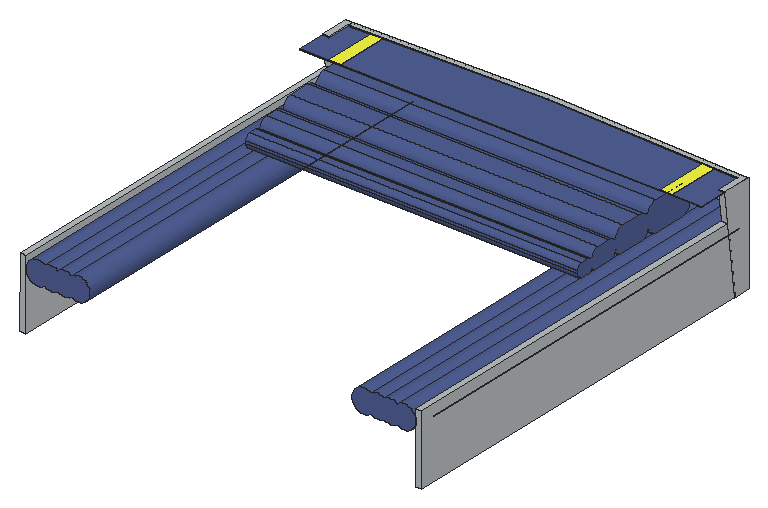
Revit family "DockEquipment_DockSeal_SuperSeal_0401A", category Generic Models, Revit 2011
Parameters
  offset [instance] = 0' - 10 3/4"
  Warranty Duration (Years) = 0
  Unit Width [instance] = 11' - 6"
  Unit Height [instance] = 11' - 10"
  Unit Depth = 2' - 0"
  URL = "http://www.supersealmfg.com/"
  Specification = ""
  SpecWizard = ""
  Send Message = "http://www.arcat.com/users.pl?action=UserEmail&company=Super-Seal%20Mfg.%20Ltd&coid=44693&rep=119&fax=905-850-4440 &mf="
  Sales Information = "http://www.supersealmfg.com/ContactUs.htm"
  Revision = "R1_07-2011"
  Product Properties = ""
  Product Data = "http://arcat.com/arcatcos/cos44/arc44693.html?isac=1&r=1"
  Hood Material = Metal - Steel - Super Seal - Galvanized
  Bumper Width = 2' - 0"
  Model = "As Specified"
  Material = Plastic - Vinyl - Super Seal - Blue
  Manufacturer Website = "http://www.supersealmfg.com/"
  Manufacturer Phone - Toll Free = "800-337-3239 "
  Manufacturer Phone = "800-337-3239 "
  Manufacturer Fax = "905-850-4440 "
  Manufacturer Address = "670 Rowntree Dairy Rd. Woodbridge , ON, Canada L4L-5T8"
  Manufacturer = "Super-Seal Mfg. Ltd"
  Maintenance Schedule (Months) = 0
  Keynote = ""
  Installation-Fabrication = ""
  Installation Phase = ""
  Green Building-LEED = ""
  Expected Lifespan (Years) = 0
  Drawn By = "Sumex Design, Inc. / Robert S. Weygant, CSI, CDT, SCIP"
  Description = "Super Seal"
  Default Elevation = 4' - 0"
  Copyright = "©Arcat Inc."
  Construction Details = "http://arcat.com/details/supersea/supersea.html?coid=44693"
  Clear Width [instance] = Unit Width - 4' 0"  # 7' - 6"
  Clear Height [instance] = 10' - 0"
  Assembly Code = ""
Reference planes (in)
  plane 1 "Center (Front/Back)": y = 0
  plane 2 "Bottom": z = 0
  plane 3 "Center (Left/Right)": x = 0
  plane 4 "Front": y = -65
  plane 5 "Left": x = -69
  plane 6 "Right": x = 69
  plane 7 "Top": z = 24
  plane 8: x = -45
  plane 9: x = 45
  plane 10: y = 55
  plane 11: y = 65
  plane 12: z = 34
  plane 13: y = 47
  plane 14: y = 33
  plane 15: y = 23
  plane 16: x = -57
  plane 17: x = 57
  plane 18: y = 75
  plane 19: y = 77
  plane 20: y = 17
Forms (in)
  Sweep 1, solid, material "Plastic - Vinyl - Super Seal - Blue" <- "Material"
    path origin (0, 0, 0) x (1, 0, 0) y (0, 1, 0)
      loop
        line (-45, -65) -> (-45, 75)
    profile origin (-45, 5, 0) x (-1, 0, 0) y (0, 0, 1)
      loop
        arc (6.33333, 23.24893) -> (0, 20) -> (6.33333, 16.75107) r 4
        arc (6.33333, 16.75107) -> (8.66667, 16) -> (11, 16.75107) r 4
        arc (11, 16.75107) -> (13.33333, 16) -> (15.66667, 16.75107) r 4
        arc (15.66667, 16.75107) -> (22, 20) -> (15.66667, 23.24893) r 4
        arc (15.66667, 23.24893) -> (13.33333, 24) -> (11, 23.24893) r 4
        arc (11, 23.24893) -> (8.66667, 24) -> (6.33333, 23.24893) r 4
  Extrusion 2, solid, material "Plastic - Vinyl - Super Seal - Blue" <- "Material"
    sketch origin (-57, 89.32405, 48) x (0, 1, 0) y (0, 0, 1)
      loop
        line (-27.69905, -14) -> (-38.94905, -14)
        arc (-38.94905, -14) -> (-41.33554, -14.98851) -> (-42.32405, -17.375) r 3.375
        line (-42.32405, -17.375) -> (-42.32405, -18.875)
        arc (-42.32405, -18.875) -> (-43.31256, -16.48851) -> (-45.69905, -15.5) r 3.375
        line (-45.69905, -15.5) -> (-52.94905, -15.5)
        arc (-52.94905, -15.5) -> (-55.33554, -16.48851) -> (-56.32405, -18.875) r 3.375
        line (-56.32405, -18.875) -> (-56.32405, -20.25)
        arc (-56.32405, -20.25) -> (-57.12951, -18.30546) -> (-59.07405, -17.5) r 2.75
        line (-59.07405, -17.5) -> (-63.57405, -17.5)
        arc (-63.57405, -17.5) -> (-65.51859, -18.30546) -> (-66.32405, -20.25) r 2.75
        line (-66.32405, -20.25) -> (-66.32405, -21.25)
        arc (-66.32405, -21.25) -> (-66.83661, -20.01256) -> (-68.07405, -19.5) r 1.75
        line (-68.07405, -19.5) -> (-70.57405, -19.5)
        arc (-70.57405, -19.5) -> (-71.81149, -20.01256) -> (-72.32405, -21.25) r 1.75
        line (-72.32405, -21.25) -> (-72.32405, -22.25)
        arc (-72.32405, -22.25) -> (-71.81149, -23.48744) -> (-70.57405, -24) r 1.75
        line (-70.57405, -24) -> (-68.07405, -24)
        arc (-68.07405, -24) -> (-66.83661, -23.48744) -> (-66.32405, -22.25) r 1.75
        arc (-66.32405, -22.25) -> (-65.81149, -23.48744) -> (-64.57405, -24) r 1.75
        line (-64.57405, -24) -> (-59.07405, -24)
        arc (-59.07405, -24) -> (-57.12951, -23.19454) -> (-56.32405, -21.25) r 2.75
        arc (-56.32405, -21.25) -> (-55.51859, -23.19454) -> (-53.57405, -24) r 2.75
        line (-53.57405, -24) -> (-45.69905, -24)
        arc (-45.69905, -24) -> (-43.31256, -23.01149) -> (-42.32405, -20.625) r 3.375
        arc (-42.32405, -20.625) -> (-41.33554, -23.01149) -> (-38.94905, -24) r 3.375
        line (-38.94905, -24) -> (-27.69905, -24)
        arc (-27.69905, -24) -> (-25.31256, -23.01149) -> (-24.32405, -20.625) r 3.375
        line (-24.32405, -20.625) -> (-24.32405, -17.375)
        arc (-24.32405, -17.375) -> (-25.31256, -14.98851) -> (-27.69905, -14) r 3.375
    from 0 to 114
  Sweep 3, solid, material "Metal - Steel - Super Seal - Galvanized" <- "Hood Material"
    path origin (0, 0, 0) x (1, 0, 0) y (0, 1, 0)
      loop
        line (-69, 75) -> (0, 77) -> (69, 75)
    profile origin (-34.5, 76, 0) x (-0.028973, 0.99958, 0) y (0, 0, 1)
      loop
        line (0, 0) -> (0, 34.25) -> (-2, 34.25) -> (-2, 34.125) -> (-0.125, 34.125) -> (-0.125, 0) -> (0, 0)
  Extrusion 4, solid, material "Metal - Steel - Super Seal - Galvanized" <- "Hood Material"
    sketch origin (-69, 16.34522, 48) x (0, 1, 0) y (0, 0, 1)
      loop
        line (52.65478, -48) -> (58.65478, -48) -> (58.65478, -13.75) -> (48.65478, -13.75) -> (52.65478, -48)
    from -0.125 to 2
  Extrusion 5, solid, material "Metal - Steel - Super Seal - Galvanized" <- "Hood Material"
    sketch origin (69, 16.34522, 48) x (0, 1, 0) y (0, 0, 1)
      loop
        line (52.65478, -48) -> (58.65478, -48) -> (58.65478, -13.75) -> (48.65478, -13.75) -> (52.65478, -48)
    from -2 to 0.125
  Extrusion 6, solid, material "Plastic - Vinyl - Super Seal - Blue" <- "Material"
    sketch origin (0, 90.99678, 34) x (0, 1, 0) y (-1, 0, 0)
      loop
        line (-35.99678, 69) -> (-35.99678, -69) -> (-16.12184, -69) -> (-14.12184, 0) -> (-16.12184, 69) -> (-35.99678, 69)
    from 0 to 0.125
  Sweep 7, solid, material "Plastic - Vinyl - Super Seal - Yellow"
    path origin (0, 90.99678, 34) x (0, 1, 0) y (-1, 0, 0)
      loop
        line (-35.99678, 57) -> (-17.69328, 57)
    profile origin (-57, 64.15175, 34) x (-1, 0, 0) y (0, 0, 1)
      loop
        line (2, 0.125) -> (2, 0.25) -> (-2, 0.25) -> (-2, 0.125) -> (2, 0.125)
  Sweep 8, solid, material "Plastic - Vinyl - Super Seal - Yellow"
    path origin (0, 90.99678, 34) x (0, 1, 0) y (-1, 0, 0)
      loop
        line (-35.99678, -57) -> (-17.69328, -57)
    profile origin (57, 64.15175, 34) x (-1, 0, 0) y (0, 0, 1)
      loop
        line (-2, 0.125) -> (2, 0.125) -> (2, 0.25) -> (-2, 0.25) -> (-2, 0.125)
  Sweep 9, solid, material "Plastic - Vinyl - Super Seal - Blue" <- "Material"
    path origin (0, 0, 0) x (-1, 0, 0) y (0, 1, 0)
      loop
        line (-45, -65) -> (-45, 75)
    profile origin (45, 5, 0) x (-1, 0, 0) y (0, 0, 1)
      loop
        arc (-6.33333, 23.24893) -> (-8.66667, 24) -> (-11, 23.24893) r 4
        arc (-11, 23.24893) -> (-13.33333, 24) -> (-15.66667, 23.24893) r 4
        arc (-15.66667, 23.24893) -> (-22, 20) -> (-15.66667, 16.75107) r 4
        arc (-15.66667, 16.75107) -> (-13.33333, 16) -> (-11, 16.75107) r 4
        arc (-11, 16.75107) -> (-8.66667, 16) -> (-6.33333, 16.75107) r 4
        arc (-6.33333, 16.75107) -> (0, 20) -> (-6.33333, 23.24893) r 4
  Extrusion 10, solid, material "Metal - Steel - Super Seal - Galvanized" <- "Hood Material"
    sketch origin (-11.94222, -65, 48) x (-1, 0, 0) y (0, 0, 1)
      loop
        line (57.05778, -48) -> (57.05778, -24) -> (55.05778, -24) -> (55.05778, -48) -> (57.05778, -48)
      loop
        line (-80.94222, -48) -> (-78.94222, -48) -> (-78.94222, -24) -> (-80.94222, -24) -> (-80.94222, -48)
    from 0 to 140
Cuts and joins
  joined: Sweep 3, Extrusion 4, Extrusion 5, Extrusion 10
Dimensions and locks (in)
  equal spacing: plane 5 "Left", plane 3 "Center (Left/Right)", plane 6 "Right"
  "Unit Width": plane 5 "Left" to plane 6 "Right"
  equal spacing: plane 11, plane 1 "Center (Front/Back)", plane 4 "Front"
  "Unit Depth": plane 7 "Top" to level
  equal spacing: plane 8, plane 3 "Center (Left/Right)", plane 9
  "Clear Width": plane 8 to plane 9
  "Clear Height": plane 10 to plane 4 "Front"
  "Unit Height": plane 19 to plane 4 "Front"
  locked: plane 12 to plane 7 "Top" at 10
  equal spacing: plane 9, plane 17, plane 6 "Right"
  equal spacing: plane 5 "Left", plane 16, plane 8
  locked: plane 11 to plane 13 at 18
  locked: plane 14 to plane 13 at 14
  locked: plane 15 to plane 14 at 10
  locked: plane 18 to plane 11 at 10
  locked: plane 19 to plane 18 at 2
  locked: Sweep 3 sketch curve to plane 12 at 0.25
  locked: Sweep 3 sketch curve to plane 12 at 0.125
  locked: plane 20 to plane 15 at 6
  aligned and locked: Extrusion 2 to plane 17
  aligned and locked: plane 18 to Extrusion 10
  aligned and locked: Extrusion 6 to plane 10
Automatic sketch dimensions
  Sweep 1 sketch curve to plane 8 = 0' - 0"
  Sweep 1 sketch curve to plane 4 "Front" = 0' - 0"
  Sweep 1 sketch curve to plane 18 = 0' - 0"
  Sweep 1 sketch curve to Sweep 1 sketch curve = 0' - 0"  (x4)
  Sweep 1 sketch curve to profile plane = 0' - 4"
  Sweep 1 sketch curve to Sweep 1 sketch curve = 0' - 2.33333"  (x9)
  level to Sweep 1 sketch curve = 1' - 4.75107"
  Sweep 1 sketch curve to Sweep 1 sketch curve = 0' - 3.24893"  (x3)
  Extrusion 2 sketch curve to plane 14 = 0' - 0"  (x4)
  Extrusion 2 sketch curve to plane 7 "Top" = 0' - 0"  (x4)
  Extrusion 2 sketch curve to plane 13 = 0' - 0"  (x4)
  Extrusion 2 sketch curve to plane 12 = 0' - 0"
  Extrusion 2 sketch curve to plane 11 = 0' - 0"
  Extrusion 2 sketch curve to plane 15 = 0' - 2 3/4"
  plane 14 to Extrusion 2 sketch curve = 0' - 2 3/4"  (x2)
  Extrusion 2 sketch curve to plane 12 = 0' - 1 1/2"
  Extrusion 2 sketch curve to plane 14 = 0' - 3 3/8"
  plane 13 to Extrusion 2 sketch curve = 0' - 3 3/8"  (x2)
  Extrusion 2 sketch curve to plane 13 = 0' - 3 3/8"
  Extrusion 2 sketch curve to plane 11 = 0' - 3 3/8"
  Extrusion 2 sketch curve to Extrusion 2 sketch curve = 0' - 0"  (x5)
  Sweep 3 sketch curve to plane 5 "Left" = 0' - 0"
  Sweep 3 sketch curve to plane 3 "Center (Left/Right)" = 0' - 0"
  Sweep 3 sketch curve to plane 6 "Right" = 0' - 0"
  Sweep 3 sketch curve to plane 18 = 0' - 0"  (x2)
  Sweep 3 sketch curve to plane 19 = 0' - 0"
  Sweep 3 sketch curve to level = 0' - 0"
  Sweep 3 sketch curve to profile plane = 0' - 0"
  profile plane to Sweep 3 sketch curve = 0' - 0 1/8"
  Sweep 3 sketch curve to Sweep 3 sketch curve = 0' - 1 7/8"
  Extrusion 4 sketch curve to plane 11 = 0' - 0"
  Extrusion 4 sketch curve to level = 0' - 0"
  Extrusion 4 sketch curve to plane 18 = 0' - 0"
  plane 11 to Extrusion 4 sketch curve = 0' - 4"
  plane 12 to Extrusion 4 sketch curve = 0' - 0 1/4"
  Extrusion 5 sketch curve to plane 11 = 0' - 0"
  Extrusion 5 sketch curve to level = 0' - 0"
  Extrusion 5 sketch curve to plane 18 = 0' - 0"
  plane 11 to Extrusion 5 sketch curve = 0' - 4"
  plane 12 to Extrusion 5 sketch curve = 0' - 0 1/4"
  Extrusion 6 sketch curve to plane 5 "Left" = 0' - 0"
  Extrusion 6 sketch curve to plane 13 = 0' - 8"
  Extrusion 6 sketch curve to plane 6 "Right" = 0' - 0"
  Extrusion 6 sketch curve to plane 3 "Center (Left/Right)" = 0' - 0"
  Extrusion 6 sketch curve to plane 18 = 0' - 0.12505"  (x2)
  Extrusion 6 sketch curve to plane 19 = 0' - 0.12505"
  plane 12 to Sweep 7 sketch curve = 0' - 0 1/8"
  profile plane to Sweep 7 sketch curve = 0' - 2"
  plane 12 to Sweep 7 sketch curve = 0' - 0 1/4"
  Sweep 7 sketch curve to profile plane = 0' - 2"
  plane 12 to Sweep 8 sketch curve = 0' - 0 1/4"
  profile plane to Sweep 8 sketch curve = 0' - 2"
  Sweep 8 sketch curve to profile plane = 0' - 2"
  Sweep 8 sketch curve to Sweep 8 sketch curve = 0' - 0 1/8"
  Sweep 9 sketch curve to plane 9 = 0' - 0"
  Sweep 9 sketch curve to plane 4 "Front" = 0' - 0"
  Sweep 9 sketch curve to plane 18 = 0' - 0"
  Sweep 9 sketch curve to Sweep 9 sketch curve = 0' - 0"  (x4)
  profile plane to Sweep 9 sketch curve = 1' - 6"
  Sweep 9 sketch curve to Sweep 9 sketch curve = 0' - 2.33333"  (x9)
  level to Sweep 9 sketch curve = 1' - 4.75107"
  Sweep 9 sketch curve to Sweep 9 sketch curve = 0' - 3.24893"  (x3)
  Extrusion 10 sketch curve to plane 6 "Right" = 0' - 0"
  Extrusion 10 sketch curve to plane 7 "Top" = 0' - 0"  (x2)
  Extrusion 10 sketch curve to level = 0' - 0"  (x2)
  Extrusion 10 sketch curve to plane 5 "Left" = 0' - 0"
  Extrusion 10 sketch curve to plane 6 "Right" = 0' - 2"
  plane 5 "Left" to Extrusion 10 sketch curve = 0' - 2"
  Sweep 7 sketch curve to plane 10 = 0' - 0"
  Sweep 7 sketch curve to plane 16 = 0' - 0"
  Sweep 7 sketch curve to plane 18 = 0' - 1.69649"
  Sweep 8 sketch curve to plane 10 = 0' - 0"
  Sweep 8 sketch curve to plane 17 = 0' - 0"
  Sweep 8 sketch curve to plane 18 = 0' - 1.69649"
  Extrusion 2 sketch curve to plane 15 = 0' - 1 3/4"
  Extrusion 2 sketch curve to Extrusion 2 sketch curve = 0' - 1"  (x2)
  Extrusion 2 sketch curve to plane 20 = 0' - 0"
  Extrusion 2 sketch curve to plane 15 = 0' - 0"  (x4)
  plane 7 "Top" to Extrusion 2 sketch curve = 0' - 1 3/4"
  plane 20 to Extrusion 2 sketch curve = 0' - 1 3/4"
